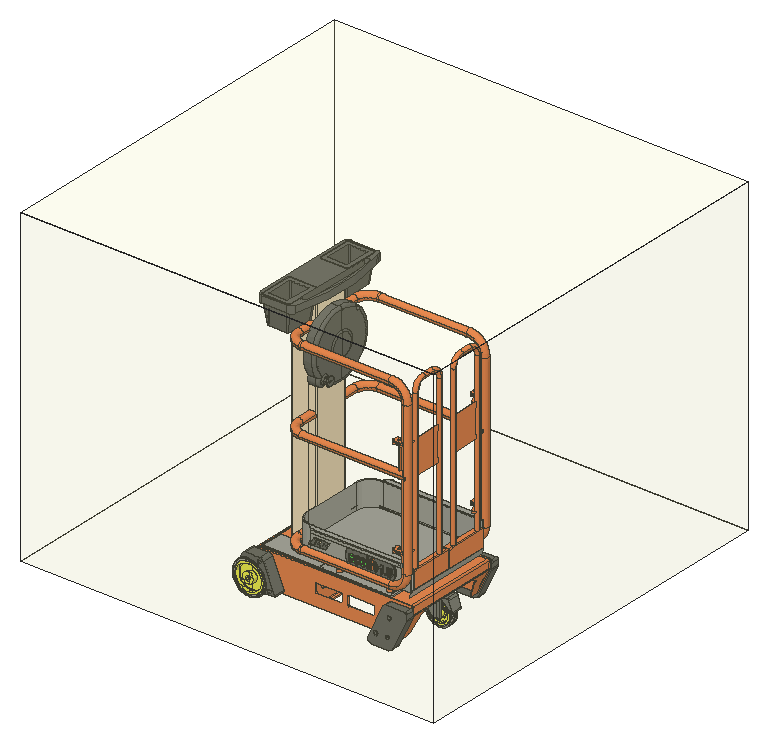
Revit family "JLG_Site_LowLevelAccess_ECOLIFT15_ORANGEa", category Site, Revit 2017
Family settings
  Round Connector Dimension = Use Diameter
  Part Type = Normal
  OmniClass Number = 23.40.00.00
  OmniClass Title = Equipment and Furnishings
  Work Plane-Based = No
  Always vertical = Yes
  Cut with Voids When Loaded = No
  Shared = No
Parameters (values of type "ECOLIFT15 - ORANGE")
  _ObjectUserGuide = "https://www.bimstore.co/products/jlg-pecolift-ecolift-1-5-ecolift-50-ecolift-series-orange/document/object-user-guide"
  _DistributedBy = "https://www.bimstore.co/"
  _CurrentRevision = 1
  _CreatedBy = "https://www.jlg.com/"
  _BimSpecGuid = 0
  _BSBibleVersion = 16
  _AuthorizedBy = "bimstore"
  _Author = "JLG"
  WorkingHeightCE = "3.50m (11 ft 6 in)"
  WorkingHeightANSI = "3.33 m (10 ft  11 in)"
  WorkingArea [instance] = yes
  WarrantyStartDate [instance] = "Please Record On Commissioning."
  WarrantyGuarantorParts = "https://www.jlg.com/"
  WarrantyGuarantorLabor = "https://www.jlg.com/"
  WarrantyDurationUnit = "Years"
  WarrantyDurationParts = "0"
  WarrantyDurationLabor = "0"
  WarrantyDescription = "n/a"
  UserInformation [instance] = if(TransportationCondition, "Turnoff transportation Condition to enable Height ", "")  # ""
  UniqueModelReferenceFAPL = "1001214402"
  URL = "https://www.jlg.com"
  TypeName = "JLG_Site_LowLevelAccess_ECOLIFT15_ORANGE"
  Type Comments = "JLG_Site_LowLevelAccess_ECOLIFT15_ORANGE"
  TransportationCondition [instance] = no
  SpareParts = "n/a"
  Size = "n/a"
  Shape = "n/a"
  SerialNumber [instance] = "Please Record On Commissioning."
  SafeWorkingLoadCE = "150 kg (331 lbs)"
  SafeWorkingLoadANSI = "149.68kg (330 lbs)"
  ReplacementCost = "n/a"
  ReferencedStandard = "n/a"
  RaisedPlatformHeight = "1.50m (4 ft 11 in)"
  ProductionYear = "2020"
  NominalLength = 0 mm
  NominalHeight = 0 mm
  NominalDepth = 0 mm
  NBSReference = "n/a"
  NBSOfficeMasterTag = "n/a"
  NBSObjectName = "JLG - Lift platforms"
  NBSNote = ""
  NBSDescription = "Lift platforms"
  ModelReference = "Low Level Access"
  ModelNumber = "Low Level Access - ECOLIFT15 - ORANGE"
  Model = "Low Level Access - ECOLIFT15 - ORANGE"
  MaximumWindForce = "Internal use only"
  MaximumManualForce = "200N"
  MaximumGradientForOperation = "0 degrees"
  Material = "Steel"
  ManufacturerName = "JLG"
  Manufacturer = "JLG"
  MachineWeightCE = "180 kg (397 lbs)"
  MachineWeightANSI = "180 kg (397 lbs)"
  Keynote = "X"
  IntuitiveToOperate = "Turn handle to operate"
  InstallationDate [instance] = "Please Record On Commissioning."
  IfcExportType = "IfcTransportElementType"
  IfcExportAs = "IfcTransportElement"
  Ht [instance] = if(TransportationCondition, 298 mm, if(PlatformHeight < 298 mm, 298 mm, if(PlatformHeight > 1500 mm, 1500 mm, PlatformHeight)))  # 298 mm
  PlatformHeight [instance] = 0 mm
  PlatformHeightMaximum [instance] = if(PlatformHeight > 0 mm, "Max Height = 1.5 m (4 ft 11 in)", "User to define Height")  # "User to define Height"
  Grade = "n/a"
  Finish = "n/a"
  Features = "n/a"
  ExpectedLife = 0
  Ecolift = "Ecolift 1.5"
  DurationUnit = "Years"
  DocumentationTechnical = "https://www.bimstore.co/products/jlg-pecolift-ecolift-1-5-ecolift-50-ecolift-series-orange/document/technical-data-sheet"
  DocumentationMaintenance = "https://www.bimstore.co/products/jlg-pecolift-ecolift-1-5-ecolift-50-ecolift-series-orange/document/maintenance-information"
  DocumentationLiterature = "https://www.bimstore.co/products/jlg-pecolift-ecolift-1-5-ecolift-50-ecolift-series-orange/document/product-literature"
  DocumentationInstallationGuide = "https://www.bimstore.co/products/jlg-pecolift-ecolift-1-5-ecolift-50-ecolift-series-orange/document/installation-guide"
  DocumentationCertificates = "https://www.bimstore.co/products/jlg-pecolift-ecolift-1-5-ecolift-50-ecolift-series-orange/document/product-certificates"
  Description = "n/a"
  CreatedOn = "2020-12-01T09:30:00"
  CreatedBy = "https://www.jlg.com/"
  Constituents = "n/a"
  Color = "n/a"
  CodePerformance = "n/a"
  ClassificationValue = "TE_30_30_10_60"
  ClassificationName = "Uniclass2015"
  BasketSize = "0.72 m x 0.60 m ( 2 ft 4 in x 1ft 11.5 in)"
  BasketDimensions = "0.72 m x 0.60 m ( 2 ft 4 in x 1 ft-11.5 in)"
  BarCode [instance] = "Please Record On Commissioning."
  BIMObjectName = "JLG_Site_LowLevelAccess_ECOLIFT15_ORANGE"
  AssetType = "Movable"
  AssetIdentifier [instance] = "n/a"
  Assembly Code = "E1030100"
  AccessibilityPerformance = "n/a"
Reference planes
  plane 1 "Center (Front/Back)": y = 0
  plane 2: z = 0
  plane 3 "Center (Left/Right)": x = 0
  plane 4: x = -135
Dimensions and locks
  nested 3 to level = 298 mm
  nested 3 to level = 2128 mm
  aligned and locked: level to plane 2
Nested families
  nested 1: "JLG_Eco lift 1.5_Base" at (311.797, 0, 0), type "JLG_Eco lift 1.5_Base"
    with JLG_Rubber_Black JLG_Rubber_Black, JLG_Plastic_Yellow JLG_Plastic_Yellow, JLG_Plastic_Ligh tGrey JLG_Plastic_Ligh tGrey, JLG_Paint_Silver Dark Grey JLG_Paint_Silver Dark Grey, JLG_Paint_Orange JLG_Paint_Orange, JLG_Paint_Grey JLG_Paint_Grey, JLG_Paint_Black JLG_Paint_Black
  nested 2: "JLG_Eco lift 1.5_Arm" at (0, 0, 100.1) x (0, 1, 0) z (0, 0, 1), type "JLG_Eco lift 1.5_Arm"
    with JLG_Paint_Silver Dark Grey JLG_Paint_Silver Dark Grey, JLG_Paint_Beige JLG_Paint_Beige
  nested 3: "JLG_Eco lift 1.5_Platform" at (0, -2.708, 298), Working Area <- "WorkingArea", built-in parameter 1001364 <- "Ht", type "JLG_Eco lift 1.5_Platform"
    with JLG_Steel JLG_Transparent_Yellow, JLG_Plastic_Dark Grey JLG_Plastic_Dark Grey, JLG_Paint_Silver Dark Grey JLG_Paint_Silver Dark Grey, JLG_Paint_Orange JLG_Paint_Orange, JLG_Paint_Beige JLG_Paint_Beige
Definition of nested family "JLG_Eco lift 1.5_Base"
  Parameters (values of type "JLG_Eco lift 1.5_Base")
    JLG_Rubber_Black [instance] = none
    JLG_Plastic_Yellow [instance] = none
    JLG_Plastic_Ligh tGrey [instance] = none
    JLG_Paint_Silver Dark Grey [instance] = none
    JLG_Paint_Orange [instance] = none
    JLG_Paint_Grey [instance] = none
    JLG_Paint_Black [instance] = none
    Default Elevation = 1219.2 mm
  Reference planes
    plane 1 "Center (Front/Back)": y = 0
    plane 2: z = 0
    plane 3 "Center (Left/Right)": x = 0
    plane 4: z = 100.003
    plane 5: y = -342.749
    plane 6: y = 342.749
    plane 7: x = -446.697
    plane 8: x = 408.303
    plane 9 "pl-1": through (458.303, -4572, 191.008) normal (0.9063, 0, -0.4226)
    plane 10: x = 362.053
    plane 11: y = -245.991
    plane 12: y = 245.991
  Forms (mm)
    Revolve 1, solid, material <- "JLG_Plastic_Ligh tGrey"
      sketch origin (-446.697, -4572, 190.498) x (0, 0, 1) y (0, -1, 0)
        loop
          line (-176.402, -4280.509) -> (-176.402, -4272.259) -> (-181.537, -4272.259) -> (-182.415, -4255.509) -> (-181.537, -4238.759) -> (-176.402, -4238.759) -> (-176.402, -4230.509) -> (-185.115, -4230.509) -> (-187.101, -4231.041) -> (-188.562, -4232.502) -> (-189.08, -4233.927) -> (-189.437, -4236.466) -> (-190.498, -4249.147) -> (-190.498, -4255.509) -> (-190.498, -4261.87) -> (-189.437, -4274.551) -> (-189.08, -4277.09) -> (-188.562, -4278.515) -> (-187.101, -4279.976) -> (-185.115, -4280.509) -> (-176.402, -4280.509)
        axis (-90.495, -4230.509) -> (-90.495, -4280.509)
      angle from 0 to 360
    Revolve 2, solid, material <- "JLG_Plastic_Yellow"
      sketch origin (-446.697, -4572, 190.498) x (0, 0, 1) y (0, -1, 0)
        loop
          line (-175.982, -4280.509) -> (-165.221, -4280.509) -> (-164.312, -4265.616)
          arc (-164.312, -4265.616) -> (-163.06, -4262.628) -> (-160.218, -4261.069) r 4.913
          line (-160.218, -4261.069) -> (-108.089, -4261.069) -> (-108.089, -4281.069) -> (-90.506, -4281.069) -> (-90.506, -4220.009) -> (-99.769, -4220.009) -> (-100.781, -4221.021) -> (-100.781, -4226.55) -> (-121.603, -4226.55) -> (-121.603, -4249.948) -> (-160.218, -4249.948)
          arc (-160.218, -4249.948) -> (-163.06, -4248.389) -> (-164.312, -4245.401) r 4.913
          line (-164.312, -4245.401) -> (-165.221, -4230.509) -> (-175.982, -4230.509) -> (-176.413, -4238.738) -> (-181.234, -4238.738) -> (-182.113, -4255.509) -> (-181.234, -4272.279) -> (-176.413, -4272.279) -> (-175.982, -4280.509)
        axis (-90.495, -4281.069) -> (-90.495, -4220.009)
      angle from 0 to 360
    Revolve 3, solid, material <- "JLG_Plastic_Ligh tGrey"
      sketch origin (-446.697, 4572, 190.498) x (0, 0, 1) y (0, -1, 0)
        loop
          line (-176.402, 4280.509) -> (-185.115, 4280.509) -> (-187.101, 4279.976) -> (-188.562, 4278.515) -> (-189.08, 4277.09) -> (-189.437, 4274.551) -> (-190.498, 4261.87) -> (-190.498, 4255.509) -> (-190.498, 4249.147) -> (-189.437, 4236.466) -> (-189.08, 4233.927) -> (-188.562, 4232.502) -> (-187.101, 4231.041) -> (-185.115, 4230.509) -> (-176.402, 4230.509) -> (-176.402, 4238.759) -> (-181.537, 4238.759) -> (-182.415, 4255.509) -> (-181.537, 4272.259) -> (-176.402, 4272.259) -> (-176.402, 4280.509)
        axis (-90.495, 4230.509) -> (-90.495, 4280.509)
      angle from 0 to 360
    Revolve 4, solid, material <- "JLG_Plastic_Yellow"
      sketch origin (-446.697, 4572, 190.498) x (0, 0, 1) y (0, -1, 0)
        loop
          line (-175.982, 4280.509) -> (-176.413, 4272.279) -> (-181.234, 4272.279) -> (-182.113, 4255.509) -> (-181.234, 4238.738) -> (-176.413, 4238.738) -> (-175.982, 4230.509) -> (-165.221, 4230.509) -> (-164.312, 4245.401)
          arc (-164.312, 4245.401) -> (-163.06, 4248.389) -> (-160.218, 4249.948) r 4.913
          line (-160.218, 4249.948) -> (-121.589, 4249.948) -> (-121.589, 4226.248) -> (-100.741, 4226.248) -> (-100.741, 4220.902) -> (-99.778, 4219.939) -> (-90.506, 4219.939) -> (-90.506, 4281.069) -> (-108.089, 4281.069) -> (-108.089, 4261.069) -> (-160.218, 4261.069)
          arc (-160.218, 4261.069) -> (-163.06, 4262.628) -> (-164.312, 4265.616) r 4.913
          line (-164.312, 4265.616) -> (-165.221, 4280.509) -> (-175.982, 4280.509)
        axis (-90.495, 4281.069) -> (-90.495, 4219.939)
      angle from 0 to 360
    Extrusion 5, solid, material <- "JLG_Paint_Black"
      sketch origin (0, 0, 0) x (1, 0, 0) y (0, 0, 1)
        loop
          arc (-475.385, 205.6) -> (-365.6, 173.936) -> (-343.052, 61.922) r 110.078
          arc (-343.052, 61.922) -> (-342.432, 57.336) -> (-338.315, 55.222) r 5
          line (-338.315, 55.222) -> (-290.135, 55.555)
          arc (-290.135, 55.555) -> (-285.982, 57.824) -> (-285.581, 62.54) r 5
          line (-285.581, 62.54) -> (-354.259, 221.277)
          arc (-354.259, 221.277) -> (-362.7, 231.285) -> (-375.263, 234.971) r 22.714
          line (-375.263, 234.971) -> (-458.326, 234.397)
          arc (-458.326, 234.397) -> (-469.05, 231.19) -> (-476.372, 222.724) r 20
          line (-476.372, 222.724) -> (-485.767, 202.206) -> (-475.385, 205.6)
      from 284.991 to 349.991
    Extrusion 6, void
      sketch origin (0, 0, 0) x (1, 0, 0) y (0, 0, 1)
        loop
          circle (-375.733, 211.07) r 12.385
        loop
          circle (-316.764, 75.242) r 12.434
      from 299.741 to 499.002
    Extrusion 7, solid, material <- "JLG_Paint_Black"
      sketch origin (-540.936, 342.749, 1219.2) x (-1, 0, 0) y (0, 0, -1)
        loop
          arc (-65.55, 1013.6) -> (-175.336, 1045.264) -> (-197.884, 1157.278) r 110.078
          arc (-197.884, 1157.278) -> (-198.503, 1161.864) -> (-202.62, 1163.978) r 5
          line (-202.62, 1163.978) -> (-250.8, 1163.645)
          arc (-250.8, 1163.645) -> (-254.954, 1161.376) -> (-255.354, 1156.66) r 5
          line (-255.354, 1156.66) -> (-186.676, 997.923)
          arc (-186.676, 997.923) -> (-178.235, 987.915) -> (-165.673, 984.229) r 22.714
          line (-165.673, 984.229) -> (-82.61, 984.803)
          arc (-82.61, 984.803) -> (-71.886, 988.01) -> (-64.564, 996.476) r 20
          line (-64.564, 996.476) -> (-55.168, 1016.994) -> (-65.55, 1013.6)
      from -7.26 to 57.74
    Extrusion 8, void
      sketch origin (0, 0, 0) x (1, 0, 0) y (0, 0, 1)
        loop
          circle (-375.733, 211.07) r 12.385
        loop
          circle (-316.764, 75.242) r 12.434
      from -299.741 to -570.022
    Revolve 9, solid, material <- "JLG_Plastic_Ligh tGrey"
      sketch origin (408.303, -4572, 81.131) x (0, 0, 1) y (0, -1, 0)
        loop
          line (-69.401, -4550.759) -> (-75.575, -4550.759)
          arc (-75.575, -4550.759) -> (-78.192, -4551.685) -> (-79.643, -4554.052) r 4.158
          line (-79.643, -4554.052) -> (-80.953, -4563.376) -> (-81.375, -4573.259) -> (-80.953, -4583.141) -> (-79.643, -4592.465)
          arc (-79.643, -4592.465) -> (-78.192, -4594.832) -> (-75.575, -4595.759) r 4.158
          line (-75.575, -4595.759) -> (-69.005, -4595.759) -> (-69.401, -4587.495) -> (-74.774, -4587.495) -> (-75.77, -4573.259) -> (-74.788, -4559.217) -> (-69.401, -4559.217) -> (-69.401, -4550.759)
        axis (-6.401, -4550.759) -> (-6.401, -4595.759)
      angle from 0 to 360
    Revolve 10, solid, material <- "JLG_Plastic_Yellow"
      sketch origin (408.303, -4572, 81.131) x (0, 0, 1) y (0, -1, 0)
        loop
          line (-69.401, -4550.759) -> (-69.401, -4559.217) -> (-74.788, -4559.217) -> (-75.77, -4573.259) -> (-74.788, -4587.3) -> (-69.401, -4587.3) -> (-69.401, -4595.759) -> (-60.961, -4595.759) -> (-60.27, -4582.579)
          arc (-60.27, -4582.579) -> (-58.519, -4579.141) -> (-54.917, -4577.759) r 5.383
          line (-54.917, -4577.759) -> (-37.31, -4577.759) -> (-31.114, -4577.759)
          arc (-31.114, -4577.759) -> (-27.856, -4579.108) -> (-26.506, -4582.366) r 4.608
          line (-26.506, -4582.366) -> (-24.721, -4602.77) -> (-6.401, -4602.77) -> (-6.401, -4573.259) -> (-6.401, -4543.747) -> (-24.721, -4543.747) -> (-26.506, -4564.151)
          arc (-26.506, -4564.151) -> (-27.856, -4567.409) -> (-31.114, -4568.759) r 4.608
          line (-31.114, -4568.759) -> (-37.31, -4568.759) -> (-54.917, -4568.759)
          arc (-54.917, -4568.759) -> (-58.519, -4567.376) -> (-60.27, -4563.938) r 5.383
          line (-60.27, -4563.938) -> (-60.961, -4550.759) -> (-69.401, -4550.759)
        axis (-6.401, -4543.747) -> (-6.401, -4602.77)
      angle from 0 to 360
    Extrusion 11, solid, material <- "JLG_Paint_Black"
      sketch origin (0, 0, 0) x (1, 0, 0) y (0, 0, 1)
        loop
          line (268.005, -0.274) -> (364.17, -0.274) -> (388.74, 13.912)
          arc (388.74, 13.912) -> (391.189, 15.879) -> (392.931, 18.493) r 10.297
          line (392.931, 18.493) -> (470.566, 185.67)
          arc (470.566, 185.67) -> (471.864, 189.507) -> (472.303, 193.533) r 18.667
          line (472.303, 193.533) -> (472.303, 221.916)
          arc (472.303, 221.916) -> (469.374, 228.988) -> (462.303, 231.916) r 10
          line (462.303, 231.916) -> (351.158, 231.916)
          arc (351.158, 231.916) -> (340.531, 228.818) -> (333.235, 220.493) r 19.772
          line (333.235, 220.493) -> (242.159, 24.969)
          arc (242.159, 24.969) -> (241.697, 17.886) -> (246.141, 12.35) r 9.796
          line (246.141, 12.35) -> (268.005, -0.274)
      from 291.491 to 334.119
    Extrusion 12, solid, material <- "JLG_Paint_Black"
      sketch origin (-540.936, 342.749, 1219.2) x (-1, 0, 0) y (0, 0, -1)
        loop
          line (-808.941, 1219.474) -> (-905.106, 1219.474) -> (-929.676, 1205.288)
          arc (-929.676, 1205.288) -> (-932.125, 1203.321) -> (-933.866, 1200.707) r 10.297
          line (-933.866, 1200.707) -> (-1011.502, 1033.53)
          arc (-1011.502, 1033.53) -> (-1012.799, 1029.693) -> (-1013.239, 1025.667) r 18.667
          line (-1013.239, 1025.667) -> (-1013.239, 997.284)
          arc (-1013.239, 997.284) -> (-1010.31, 990.212) -> (-1003.239, 987.284) r 10
          line (-1003.239, 987.284) -> (-892.093, 987.284)
          arc (-892.093, 987.284) -> (-881.466, 990.382) -> (-874.17, 998.707) r 19.772
          line (-874.17, 998.707) -> (-783.095, 1194.231)
          arc (-783.095, 1194.231) -> (-782.633, 1201.314) -> (-787.076, 1206.85) r 9.796
          line (-787.076, 1206.85) -> (-808.941, 1219.474)
      from 11.724 to 52.843
    Extrusion 13, solid, material <- "JLG_Paint_Orange"
      sketch origin (0, 0, 0) x (1, 0, 0) y (0, 0, 1)
        loop
          arc (-434.77, 242.916) -> (-441.291, 241.016) -> (-445.77, 235.908) r 12.138
          line (-445.77, 235.908) -> (-499.561, 120.555)
          arc (-499.561, 120.555) -> (-500.41, 118.055) -> (-500.697, 115.43) r 12.125
          line (-500.697, 115.43) -> (-500.697, 49.586) -> (-496.697, 49.586) -> (-496.697, 106.788)
          arc (-496.697, 106.788) -> (-496.494, 108.645) -> (-495.893, 110.414) r 8.58
          line (-495.893, 110.414) -> (-438.193, 234.151)
          arc (-438.193, 234.151) -> (-435.148, 237.624) -> (-430.713, 238.917) r 8.253
          line (-430.713, 238.917) -> (-319.697, 238.917) -> (-319.697, 242.916) -> (-434.77, 242.916)
      from -280.009 to 279.991
    Extrusion 14, solid, material <- "JLG_Paint_Silver Dark Grey"
      sketch origin (0, 0, 0) x (1, 0, 0) y (0, 1, 0)
        loop
          arc (-414.697, 146.023) -> (-412.935, 141.77) -> (-408.682, 140.009) r 6.015
          line (-408.682, 140.009) -> (-117.767, 140.009)
          arc (-117.767, 140.009) -> (-113.475, 138.231) -> (-111.697, 133.939) r 6.07
          line (-111.697, 133.939) -> (-111.697, -134.097)
          arc (-111.697, -134.097) -> (-113.423, -138.265) -> (-117.592, -139.991) r 5.895
          line (-117.592, -139.991) -> (-408.257, -139.991)
          arc (-408.257, -139.991) -> (-412.811, -141.878) -> (-414.697, -146.432) r 6.44
          line (-414.697, -146.432) -> (-414.697, -269.991)
          arc (-414.697, -269.991) -> (-413.233, -273.527) -> (-409.697, -274.991) r 5
          line (-409.697, -274.991) -> (331.788, -274.991)
          arc (331.788, -274.991) -> (336.395, -273.083) -> (338.303, -268.477) r 6.514
          line (338.303, -268.477) -> (338.303, -39.288) -> (328.652, -22.491) -> (281.303, -22.491) -> (281.303, -27.491)
          arc (281.303, -27.491) -> (279.839, -31.027) -> (276.303, -32.491) r 5
          line (276.303, -32.491) -> (246.502, -32.491)
          arc (246.502, -32.491) -> (242.826, -30.969) -> (241.303, -27.293) r 5.199
          line (241.303, -27.293) -> (241.303, -19.991)
          arc (241.303, -19.991) -> (239.839, -16.456) -> (236.303, -14.991) r 5
          line (236.303, -14.991) -> (210.303, -14.991)
          arc (210.303, -14.991) -> (206.767, -16.456) -> (205.303, -19.991) r 5
          line (205.303, -19.991) -> (205.303, -29.991)
          arc (205.303, -29.991) -> (203.839, -33.527) -> (200.303, -34.991) r 5
          line (200.303, -34.991) -> (167.303, -34.991)
          arc (167.303, -34.991) -> (163.767, -33.527) -> (162.303, -29.991) r 5
          line (162.303, -29.991) -> (162.303, 30.009)
          arc (162.303, 30.009) -> (163.767, 33.544) -> (167.303, 35.009) r 5
          line (167.303, 35.009) -> (200.303, 35.009)
          arc (200.303, 35.009) -> (203.839, 33.544) -> (205.303, 30.009) r 5
          line (205.303, 30.009) -> (205.303, 20.367)
          arc (205.303, 20.367) -> (206.873, 16.578) -> (210.662, 15.009) r 5.359
          line (210.662, 15.009) -> (236.303, 15.009)
          arc (236.303, 15.009) -> (239.839, 16.473) -> (241.303, 20.009) r 5
          line (241.303, 20.009) -> (241.303, 27.509)
          arc (241.303, 27.509) -> (242.767, 31.044) -> (246.303, 32.509) r 5
          line (246.303, 32.509) -> (276.03, 32.509)
          arc (276.03, 32.509) -> (279.759, 30.964) -> (281.303, 27.236) r 5.273
          line (281.303, 27.236) -> (281.303, 22.509) -> (328.652, 22.509) -> (338.303, 39.305) -> (338.303, 268.758)
          arc (338.303, 268.758) -> (336.472, 273.178) -> (332.053, 275.009) r 6.25
          line (332.053, 275.009) -> (-408.332, 275.009)
          arc (-408.332, 275.009) -> (-412.833, 273.144) -> (-414.697, 268.643) r 6.365
          line (-414.697, 268.643) -> (-414.697, 146.023)
      from 242.916 to 250
    Extrusion 15, solid, material <- "JLG_Paint_Orange"
      sketch origin (0, 0, 0) x (1, 0, 0) y (0, 0, 1)
        loop
          line (311.303, 217.917) -> (311.303, 236.803)
          arc (311.303, 236.803) -> (311.922, 238.298) -> (313.416, 238.917) r 2.113
          line (313.416, 238.917) -> (454.14, 238.917)
          arc (454.14, 238.917) -> (457.084, 237.697) -> (458.303, 234.754) r 4.163
          line (458.303, 234.754) -> (458.303, 192.375)
          arc (458.303, 192.375) -> (458.157, 191.04) -> (457.725, 189.769) r 6.166
          line (457.725, 189.769) -> (456.341, 186.802) -> (459.958, 185.115) -> (461.491, 188.401)
          arc (461.491, 188.401) -> (462.093, 190.176) -> (462.297, 192.041) r 8.613
          line (462.297, 192.041) -> (462.297, 235.008)
          arc (462.297, 235.008) -> (459.981, 240.6) -> (454.389, 242.916) r 7.908
          line (454.389, 242.916) -> (313.372, 242.916)
          arc (313.372, 242.916) -> (309.081, 241.139) -> (307.303, 236.847) r 6.069
          line (307.303, 236.847) -> (307.303, 217.917) -> (311.303, 217.917)
      from -281.009 to 280.991
    Extrusion 16, solid, material <- "JLG_Paint_Orange"
      sketch origin (458.303, -4572, 191.008) x (0.422618, 0, 0.906308) y (0, -1, 0)
        loop
          line (-52.367, -4290.286) -> (-52.367, -4304.867)
          arc (-52.367, -4304.867) -> (-55.447, -4312.303) -> (-62.884, -4315.384) r 10.517
          line (-62.884, -4315.384) -> (-102.367, -4315.384)
          arc (-102.367, -4315.384) -> (-109.438, -4312.455) -> (-112.367, -4305.384) r 10
          line (-112.367, -4305.384) -> (-112.367, -4290.384) -> (-160.367, -4290.384) -> (-160.367, -4319.803)
          arc (-160.367, -4319.803) -> (-155.333, -4334.848) -> (-142.258, -4343.834) r 25
          line (-142.258, -4343.834) -> (-36.508, -4374.158)
          arc (-36.508, -4374.158) -> (-16.292, -4387.197) -> (-3.252, -4407.414) r 57.021
          line (-3.252, -4407.414) -> (-3.252, -4290.286) -> (-52.367, -4290.286)
        loop
          line (-51.742, -4853.089) -> (-3.252, -4853.089) -> (-3.252, -4736.586)
          arc (-3.252, -4736.586) -> (-15.3, -4755.786) -> (-33.876, -4768.775) r 57.021
          line (-33.876, -4768.775) -> (-142.258, -4799.853)
          arc (-142.258, -4799.853) -> (-155.333, -4808.839) -> (-160.367, -4823.885) r 25
          line (-160.367, -4823.885) -> (-160.367, -4852.991) -> (-111.586, -4852.991) -> (-111.586, -4837.991)
          arc (-111.586, -4837.991) -> (-108.657, -4830.92) -> (-101.586, -4827.991) r 10
          line (-101.586, -4827.991) -> (-62.259, -4827.991)
          arc (-62.259, -4827.991) -> (-54.822, -4831.072) -> (-51.742, -4838.508) r 10.517
          line (-51.742, -4838.508) -> (-51.742, -4853.089)
      from -0.009 to 3.991
    Extrusion 17, solid, material <- "JLG_Paint_Orange"
      sketch origin (0, 0, 0) x (1, 0, 0) y (0, 0, 1)
        loop
          line (-445.689, 236.082) -> (-499.624, 120.419)
          arc (-499.624, 120.419) -> (-500.426, 118.058) -> (-500.697, 115.58) r 11.449
          line (-500.697, 115.58) -> (-500.697, 44.917) -> (394.583, 44.917) -> (461.476, 188.37)
          arc (461.476, 188.37) -> (462.09, 190.177) -> (462.297, 192.074) r 8.763
          line (462.297, 192.074) -> (462.297, 235.233)
          arc (462.297, 235.233) -> (460.047, 240.666) -> (454.614, 242.916) r 7.683
          line (454.614, 242.916) -> (-434.961, 242.916)
          arc (-434.961, 242.916) -> (-441.321, 241.063) -> (-445.689, 236.082) r 11.837
      from -285.009 to -280.009
    Extrusion 18, solid, material <- "JLG_Paint_Orange"
      sketch origin (0, 0, 0) x (1, 0, 0) y (0, 0, 1)
        loop
          line (-445.689, 236.082) -> (-499.624, 120.419)
          arc (-499.624, 120.419) -> (-500.426, 118.058) -> (-500.697, 115.58) r 11.449
          line (-500.697, 115.58) -> (-500.697, 44.917) -> (394.583, 44.917) -> (461.476, 188.37)
          arc (461.476, 188.37) -> (462.09, 190.177) -> (462.297, 192.074) r 8.763
          line (462.297, 192.074) -> (462.297, 235.233)
          arc (462.297, 235.233) -> (460.047, 240.666) -> (454.614, 242.916) r 7.683
          line (454.614, 242.916) -> (-434.961, 242.916)
          arc (-434.961, 242.916) -> (-441.321, 241.063) -> (-445.689, 236.082) r 11.837
      from 279.991 to 284.991
    Extrusion 19, solid, material <- "JLG_Paint_Orange"
      sketch origin (0, 0, 0) x (0, 1, 0) y (0, 0, 1)
        loop
          line (152.009, 116.917) -> (144.009, 116.917) -> (144.009, 58.879)
          arc (144.009, 58.879) -> (142.262, 54.663) -> (138.046, 52.917) r 5.962
          line (138.046, 52.917) -> (-137.664, 52.917)
          arc (-137.664, 52.917) -> (-142.138, 54.77) -> (-143.991, 59.244) r 6.327
          line (-143.991, 59.244) -> (-143.991, 117.107) -> (-151.991, 117.107) -> (-151.991, 58.732)
          arc (-151.991, 58.732) -> (-147.945, 48.963) -> (-138.176, 44.917) r 13.815
          line (-138.176, 44.917) -> (137.922, 44.917)
          arc (137.922, 44.917) -> (147.883, 49.042) -> (152.009, 59.003) r 14.086
          line (152.009, 59.003) -> (152.009, 116.917)
      from -497.697 to -108.067
    Extrusion 20, solid, material <- "JLG_Paint_Orange"
      sketch origin (0, 0, 0) x (1, 0, 0) y (0, 0, 1)
        loop
          line (-77.397, 242.916) -> (-99.487, 242.916)
          arc (-99.487, 242.916) -> (-105.08, 240.6) -> (-107.397, 235.006) r 7.91
          line (-107.397, 235.006) -> (-107.397, 52.964)
          arc (-107.397, 52.964) -> (-105.04, 47.274) -> (-99.349, 44.917) r 8.048
          line (-99.349, 44.917) -> (-77.397, 44.917) -> (-77.397, 48.939) -> (-99.305, 48.939)
          arc (-99.305, 48.939) -> (-102.198, 50.138) -> (-103.397, 53.032) r 4.092
          line (-103.397, 53.032) -> (-103.397, 234.939)
          arc (-103.397, 234.939) -> (-102.232, 237.751) -> (-99.419, 238.917) r 3.978
          line (-99.419, 238.917) -> (-77.397, 238.917) -> (-77.397, 242.916)
      from -280.009 to 280.991
    Extrusion 21, void
      sketch origin (0, 0, 0) x (1, 0, 0) y (0, 0, 1)
        loop
          line (47.303, 173.916) -> (-92.697, 173.916)
          arc (-92.697, 173.916) -> (-99.768, 170.988) -> (-102.697, 163.916) r 10
          line (-102.697, 163.916) -> (-102.697, 123.916)
          arc (-102.697, 123.916) -> (-99.768, 116.845) -> (-92.697, 113.916) r 10
          line (-92.697, 113.916) -> (47.303, 113.916)
          arc (47.303, 113.916) -> (54.374, 116.845) -> (57.303, 123.916) r 10
          line (57.303, 123.916) -> (57.303, 163.916)
          arc (57.303, 163.916) -> (54.374, 170.988) -> (47.303, 173.916) r 10
        loop
          line (87.303, 163.916) -> (87.303, 123.916)
          arc (87.303, 123.916) -> (90.232, 116.845) -> (97.303, 113.916) r 10
          line (97.303, 113.916) -> (237.303, 113.916)
          arc (237.303, 113.916) -> (244.374, 116.845) -> (247.303, 123.916) r 10
          line (247.303, 123.916) -> (247.303, 163.916)
          arc (247.303, 163.916) -> (244.374, 170.988) -> (237.303, 173.916) r 10
          line (237.303, 173.916) -> (97.303, 173.916)
          arc (97.303, 173.916) -> (90.232, 170.988) -> (87.303, 163.916) r 10
      from -540.862 to 474.285
    Extrusion 22, void
      sketch origin (0, 0, 0) x (0, 1, 0) y (0, 0, 1)
        loop
          circle (-212.629, 143.916) r 35
        loop
          circle (212.371, 143.916) r 35
      from -339.056 to 250
    Extrusion 23, solid, material <- "JLG_Paint_Grey"
      sketch origin (0, 0, 0) x (1, 0, 0) y (0, 1, 0)
        loop
          arc (322.97, 67.509) -> (311.892, 62.92) -> (307.303, 51.842) r 15.667
          line (307.303, 51.842) -> (307.303, -52.491)
          arc (307.303, -52.491) -> (311.696, -63.098) -> (322.303, -67.491) r 15
          line (322.303, -67.491) -> (402.303, -67.491)
          arc (402.303, -67.491) -> (412.91, -63.098) -> (417.303, -52.491) r 15
          line (417.303, -52.491) -> (417.303, 52.509)
          arc (417.303, 52.509) -> (412.91, 63.115) -> (402.303, 67.509) r 15
          line (402.303, 67.509) -> (322.97, 67.509)
      from 186.802 to 199.857
    Extrusion 24, solid, material <- "JLG_Paint_Grey"
      sketch origin (0, 0, 0) x (1, 0, 0) y (0, 1, 0)
        loop
          circle (361.17, 0) r 51.921
      from 58.12 to 191.916
    Extrusion 25, void
      sketch origin (0, 0, 0) x (1, 0, 0) y (0, 0, 1)
        loop
          line (301.006, 159.43) -> (301.006, 54.917) -> (397.256, 54.917)
          arc (397.256, 54.917) -> (391.83, 59.319) -> (387.99, 65.156) r 22.822
          line (387.99, 65.156) -> (340.693, 153.718)
          arc (340.693, 153.718) -> (336.38, 157.904) -> (330.568, 159.43) r 11.83
          line (330.568, 159.43) -> (301.006, 159.43)
      from 22.811 to 60.676
    Extrusion 26, solid, material <- "JLG_Paint_Grey"
      sketch origin (0, 0, 0) x (0, 1, 0) y (0, 0, 1)
        loop
          line (-34.741, 56.73) -> (-30.741, 56.73) -> (-30.741, 153.373)
          arc (-30.741, 153.373) -> (-28.691, 158.323) -> (-23.741, 160.373) r 7
          line (-23.741, 160.373) -> (23.741, 160.373)
          arc (23.741, 160.373) -> (28.691, 158.323) -> (30.741, 153.373) r 7
          line (30.741, 153.373) -> (30.741, 56.73) -> (34.741, 56.73) -> (34.741, 154.855)
          arc (34.741, 154.855) -> (31.812, 161.926) -> (24.741, 164.855) r 10
          line (24.741, 164.855) -> (-24.741, 164.855)
          arc (-24.741, 164.855) -> (-31.812, 161.926) -> (-34.741, 154.855) r 10
          line (-34.741, 154.855) -> (-34.741, 56.73)
      from 398.939 to 426.303
    Revolve 27, solid, material <- "JLG_Paint_Orange"
      sketch origin (362.053, 0, 1189.2) x (0, -1, 0) y (0, 0, 1)
        loop
          line (0, -911.284) -> (0, -989.118) -> (36.764, -989.118) -> (36.764, -937.816) -> (32.587, -937.816) -> (32.587, -934.415) -> (9.991, -934.415) -> (9.991, -919.415) -> (4.991, -919.415) -> (4.991, -911.284) -> (0, -911.284)
        axis (0, -911.284) -> (0, -989.118)
      angle from 0 to 360
    Extrusion 28, solid, material <- "JLG_Paint_Grey"
      sketch origin (0, 0, 0) x (1, 0, 0) y (0, 0, 1)
        loop
          line (242.11, 245.025) -> (223.682, 194.091)
          arc (223.682, 194.091) -> (223.612, 187.486) -> (227.676, 182.278) r 10
          arc (227.676, 182.278) -> (252.871, 176.296) -> (278.721, 177.812) r 89.082
          arc (278.721, 177.812) -> (284.092, 181.185) -> (285.951, 187.248) r 9.091
          line (285.951, 187.248) -> (285.562, 189.356) -> (246.552, 205.277) -> (248.087, 212.166) -> (251.233, 211.454) -> (267.938, 257.626) -> (273.541, 287.177)
          arc (273.541, 287.177) -> (268.427, 294.602) -> (260.39, 290.519) r 6.845
          line (260.39, 290.519) -> (242.11, 245.025)
        loop
          circle (233.164, 191.001) r 5.957
        loop
          circle (260.275, 265.877) r 5.957
        loop
          circle (266.697, 288.013) r 4.018
      from -5.009 to 4.991
    Extrusion 29, solid, material <- "JLG_Paint_Orange"
      sketch origin (0, 0, 0) x (1, 0, 0) y (0, 0, 1)
        loop
          arc (261.706, 275.778) -> (250.747, 268.978) -> (255.611, 257.033) r 9.997
          line (255.611, 257.033) -> (325.284, 219.729) -> (325.284, 266.515) -> (261.706, 275.778)
      from 4.991 to 10.29
    Extrusion 30, solid, material <- "JLG_Paint_Grey"
      sketch origin (0, 0, 0) x (1, 0, 0) y (0, 0, 1)
        loop
          circle (260.275, 265.877) r 5.957
        loop
          circle (266.741, 287.967) r 4.018
        loop
          circle (233.164, 191.001) r 5.957
      from -12.316 to 11.832
    Extrusion 31, solid, material <- "JLG_Paint_Orange"
      sketch origin (0, 0, 0) x (1, 0, 0) y (0, 0, 1)
        loop
          arc (261.706, 275.778) -> (250.747, 268.978) -> (255.611, 257.033) r 9.997
          line (255.611, 257.033) -> (325.284, 219.729) -> (325.284, 266.515) -> (261.706, 275.778)
      from -10.579 to -5.009
    Extrusion 32, void
      sketch origin (0, 0, 0) x (1, 0, 0) y (0, 0, 1)
        loop
          circle (292.313, 66.916) r 12.666
        loop
          circle (362.313, 66.916) r 12.666
        loop
          circle (372.137, 172.916) r 12.666
      from 322.853 to 496.822
    Extrusion 33, void
      sketch origin (0, 0, 0) x (1, 0, 0) y (0, 0, -1)
        loop
          circle (292.313, -66.916) r 12.666
        loop
          circle (362.313, -66.916) r 12.666
        loop
          circle (372.137, -172.916) r 12.666
      from 322.853 to 496.822
    Extrusion 34, solid, material <- "JLG_Paint_Silver Dark Grey"
      sketch origin (0, 0, 2.031) x (0, 1, 0) y (0, 0, 1)
        loop
          circle (230.044, 259.167) r 10
      from -475.385 to 354.576
    Revolve 35, solid, material <- "JLG_Paint_Black"
      sketch origin (-575.669, -245.991, 1219.2) x (-1, 0, 0) y (0, 0, 1)
        loop
          arc (-4.942, -1124.03) -> (0.152, -1117.959) -> (-4.805, -1111.776) r 6.248
          line (-4.805, -1111.776) -> (-74.972, -1104.614) -> (-74.972, -1124.03) -> (-4.942, -1124.03)
        axis (-4.805, -1137.113) -> (-74.972, -1137.113)
      angle from 0 to 360
    Revolve 36, solid, material <- "JLG_Paint_Black"
      sketch origin (-575.669, 245.991, 1219.2) x (-1, 0, 0) y (0, 0, 1)
        loop
          arc (-4.942, -1124.03) -> (0.152, -1117.959) -> (-4.805, -1111.776) r 6.248
          line (-4.805, -1111.776) -> (-74.972, -1104.614) -> (-74.972, -1124.03) -> (-4.942, -1124.03)
        axis (-4.805, -1137.113) -> (-74.972, -1137.113)
      angle from 0 to 360
    Extrusion 37, solid, material <- "JLG_Paint_Grey"
      sketch origin (0, 0, 0) x (1, 0, 0) y (0, 0, 1)
        loop
          line (426.303, 164.855) -> (426.303, 161.001) -> (466.53, 127.425)
          arc (466.53, 127.425) -> (473.102, 122.114) -> (480.919, 118.907) r 29.214
          arc (480.919, 118.907) -> (483.512, 117.416) -> (485.383, 115.082) r 8.056
          line (485.383, 115.082) -> (486.423, 112.224) -> (491.36, 104.324) -> (494.239, 105.426)
          arc (494.239, 105.426) -> (497, 108.02) -> (497.15, 111.806) r 5
          line (497.15, 111.806) -> (476.99, 167.195)
          arc (476.99, 167.195) -> (471.764, 173.209) -> (463.857, 174.185) r 11.123
          line (463.857, 174.185) -> (426.303, 164.855)
      from -30.741 to 30.741
    Extrusion 38, void
      sketch origin (0, 0, 0) x (1, 0, 0) y (0, 0, -1)
        loop
          line (302.303, -159.43) -> (330.568, -159.43)
          arc (330.568, -159.43) -> (336.38, -157.904) -> (340.693, -153.718) r 11.83
          line (340.693, -153.718) -> (387.99, -65.156)
          arc (387.99, -65.156) -> (391.83, -59.319) -> (397.256, -54.917) r 22.822
          line (397.256, -54.917) -> (302.303, -54.917) -> (302.303, -159.43)
      from 22.811 to 60.676
    Extrusion 39, void
      sketch origin (0, 0, 0) x (0, 1, 0) y (0, 0, 1)
        loop
          line (22.811, 159.43) -> (-32.491, 159.43) -> (-32.491, 42.872) -> (22.811, 42.872) -> (22.811, 159.43)
      from 0 to 334.555
    Sweep 40, solid, material <- "JLG_Paint_Silver Dark Grey"
      path origin (1.875, 0.303, 0) x (1, 0, 0) y (0, 1, 0)
        loop
          arc (424.62, 241.615) -> (336.045, 230.497) -> (424.562, 218.927) r 45
      profile origin (337.92, 230.8, 0) x (0.999997, -0.002551, 0) y (0, 0, 1)
        loop
          circle (20.657, 261.201) r 5
    Extrusion 41, solid
      sketch origin (0, 0, 4.375) x (0, 1, 0) y (0, 0, 1)
        loop
          line (219.044, 256.823) -> (219.044, 245.626) -> (249.339, 245.626) -> (249.339, 246.747) -> (241.044, 246.747) -> (241.044, 256.823)
          arc (241.044, 256.823) -> (230.044, 267.823) -> (219.044, 256.823) r 11
        loop
          arc (240.044, 256.823) -> (230.044, 266.823) -> (220.044, 256.823) r 10
          line (220.044, 256.823) -> (220.044, 246.747) -> (240.044, 246.747) -> (240.044, 256.823)
      from 300 to 325
    Extrusion 42, solid, material <- "JLG_Paint_Silver Dark Grey"
      sketch origin (0, 0, 4.375) x (0, 1, 0) y (0, 0, -1)
        loop
          arc (219.044, -256.823) -> (230.044, -267.823) -> (241.044, -256.823) r 11
          line (241.044, -256.823) -> (241.044, -246.771) -> (249.339, -246.771) -> (249.339, -245.651) -> (219.044, -245.651) -> (219.044, -256.823)
        loop
          line (240.044, -256.823) -> (240.044, -246.771) -> (220.044, -246.771) -> (220.044, -256.823)
          arc (220.044, -256.823) -> (230.044, -266.823) -> (240.044, -256.823) r 10
      from 375 to 400
    Extrusion 43, solid, material <- "JLG_Paint_Silver Dark Grey"
      sketch origin (0, 0, 0) x (1, 0, 0) y (0, 1, 0)
        loop
          line (-386.868, 243.246) -> (-385.777, 245.136) -> (-386.868, 247.027) -> (-389.052, 247.027) -> (-390.143, 245.136) -> (-389.052, 243.246) -> (-386.868, 243.246)
      from 251.146 to 253.418
    Extrusion 44, solid, material <- "JLG_Paint_Silver Dark Grey"
      sketch origin (-75.625, 0, 0) x (-1, 0, 0) y (0, -1, 0)
        loop
          line (-386.868, -243.246) -> (-389.052, -243.246) -> (-390.143, -245.136) -> (-389.052, -247.027) -> (-386.868, -247.027) -> (-385.777, -245.136) -> (-386.868, -243.246)
      from 251.146 to 253.418
  Cuts and joins
    Extrusion 6, Extrusion 8 cuts Extrusion 5
    Extrusion 8 cuts Extrusion 7
    Extrusion 21 cuts Extrusion 18
    Extrusion 21 cuts Extrusion 17
    Extrusion 22 cuts Extrusion 20
    Extrusion 25 cuts Revolve 9
    Extrusion 25, Extrusion 32, Extrusion 38, Extrusion 39 cuts Extrusion 24
    Extrusion 32 cuts Revolve 10
    Extrusion 32, Extrusion 33 cuts Extrusion 11
    Extrusion 33 cuts Extrusion 12
  Dimensions and locks
    aligned and locked: plane 2 to level
  Automatic sketch dimensions
    Revolve 1 sketch curve to level = 0 mm
    Revolve 1 sketch curve to plane 4 = 0 mm
    level to Revolve 1 sketch curve = 1.061 mm  (x2)
    level to Revolve 1 sketch curve = 1.418 mm  (x2)
    Revolve 1 sketch curve to Revolve 1 sketch curve = 0.519 mm  (x2)
    Revolve 1 sketch curve to Revolve 1 sketch curve = 1.461 mm  (x4)
    Revolve 1 sketch curve to Revolve 1 sketch curve = 1.986 mm  (x2)
    Revolve 1 sketch curve to Revolve 1 sketch curve = 8.083 mm
    Revolve 1 sketch curve to Revolve 1 sketch curve = 7.9 mm  (x2)
    Revolve 1 sketch curve to Revolve 1 sketch curve = 8.712 mm  (x2)
    plane 5 to Revolve 1 sketch curve = 1.257 mm
    plane 5 to Revolve 1 sketch curve = 1.789 mm
    Revolve 1 sketch curve to Revolve 1 sketch curve = 1.425 mm  (x2)
    Revolve 1 sketch curve to Revolve 1 sketch curve = 2.539 mm  (x2)
    Revolve 1 sketch curve to Revolve 1 sketch curve = 2.292 mm  (x2)
    Revolve 1 sketch curve to Revolve 1 sketch curve = 12.681 mm
    Revolve 1 sketch curve to Revolve 1 sketch curve = 6.361 mm  (x3)
    Revolve 1 sketch curve to Revolve 1 sketch curve = 10.389 mm
    Revolve 1 sketch curve to Revolve 1 sketch curve = 8.25 mm
    Revolve 1 sketch curve to plane 11 = 29.368 mm
    Revolve 1 sketch curve to plane 5 = 20 mm
    Revolve 2 sketch curve to plane 4 = 0 mm
    Revolve 2 sketch curve to plane 4 = 0.011 mm
    Revolve 2 sketch curve to Revolve 2 sketch curve = 9.262 mm
    Revolve 2 sketch curve to plane 5 = 2.701 mm
    Revolve 2 sketch curve to Revolve 2 sketch curve = 1.013 mm  (x2)
    Revolve 2 sketch curve to plane 4 = 17.594 mm
    Revolve 2 sketch curve to Revolve 2 sketch curve = 20.821 mm
    level to Revolve 2 sketch curve = 31.09 mm
    Revolve 2 sketch curve to Revolve 2 sketch curve = 0 mm
    Revolve 2 sketch curve to Revolve 2 sketch curve = 0.81 mm  (x2)
    plane 5 to Revolve 2 sketch curve = 16.15 mm
    Revolve 2 sketch curve to Revolve 2 sketch curve = 4.904 mm  (x2)
    Revolve 2 sketch curve to Revolve 2 sketch curve = 0.908 mm  (x2)
    plane 5 to Revolve 2 sketch curve = 1.257 mm
    Revolve 2 sketch curve to Revolve 2 sketch curve = 10.761 mm  (x2)
    Revolve 2 sketch curve to Revolve 2 sketch curve = 0.431 mm  (x2)
    Revolve 2 sketch curve to Revolve 2 sketch curve = 4.821 mm  (x2)
    level to Revolve 2 sketch curve = 8.385 mm
    plane 5 to Revolve 2 sketch curve = 20.696 mm
    Revolve 2 sketch curve to Revolve 2 sketch curve = 10.108 mm
    Revolve 2 sketch curve to Revolve 2 sketch curve = 11.122 mm
    Revolve 2 sketch curve to Revolve 2 sketch curve = 4.547 mm
    Revolve 2 sketch curve to Revolve 2 sketch curve = 16.771 mm
    Revolve 2 sketch curve to Revolve 2 sketch curve = 8.229 mm  (x2)
    Revolve 2 sketch curve to Revolve 2 sketch curve = 20 mm
    Revolve 2 sketch curve to Revolve 2 sketch curve = 5.529 mm
    Revolve 2 sketch curve to Revolve 2 sketch curve = 19.439 mm
    Revolve 2 sketch curve to Revolve 2 sketch curve = 19.5 mm
    Revolve 3 sketch curve to level = 0 mm
    Revolve 3 sketch curve to plane 4 = 0 mm
    level to Revolve 3 sketch curve = 1.061 mm  (x2)
    level to Revolve 3 sketch curve = 1.418 mm  (x2)
    Revolve 3 sketch curve to Revolve 3 sketch curve = 0.519 mm  (x2)
    Revolve 3 sketch curve to Revolve 3 sketch curve = 1.461 mm  (x4)
    Revolve 3 sketch curve to Revolve 3 sketch curve = 1.986 mm  (x2)
    level to Revolve 3 sketch curve = 8.083 mm
    Revolve 3 sketch curve to Revolve 3 sketch curve = 7.9 mm  (x2)
    Revolve 3 sketch curve to Revolve 3 sketch curve = 8.712 mm  (x2)
    plane 6 to Revolve 3 sketch curve = 1.257 mm
    plane 6 to Revolve 3 sketch curve = 1.789 mm
    Revolve 3 sketch curve to Revolve 3 sketch curve = 1.425 mm  (x2)
    Revolve 3 sketch curve to Revolve 3 sketch curve = 2.539 mm  (x2)
    Revolve 3 sketch curve to Revolve 3 sketch curve = 8.25 mm  (x2)
    Revolve 3 sketch curve to Revolve 3 sketch curve = 12.681 mm
    Revolve 3 sketch curve to Revolve 3 sketch curve = 6.361 mm  (x2)
    Revolve 3 sketch curve to Revolve 3 sketch curve = 0 mm
    Revolve 3 sketch curve to Revolve 3 sketch curve = 10.389 mm
    Revolve 3 sketch curve to Revolve 3 sketch curve = 2.292 mm
    Revolve 3 sketch curve to plane 6 = 20 mm
    Revolve 3 sketch curve to plane 12 = 29.368 mm
    Revolve 4 sketch curve to plane 4 = 0 mm
    Revolve 4 sketch curve to plane 4 = 0.011 mm
    Revolve 4 sketch curve to Revolve 4 sketch curve = 9.272 mm
    Revolve 4 sketch curve to plane 6 = 3.004 mm
    Revolve 4 sketch curve to Revolve 4 sketch curve = 0.962 mm
    Revolve 4 sketch curve to plane 4 = 17.594 mm
    Revolve 4 sketch curve to Revolve 4 sketch curve = 20.848 mm
    level to Revolve 4 sketch curve = 31.09 mm
    Revolve 4 sketch curve to Revolve 4 sketch curve = 0 mm
    Revolve 4 sketch curve to Revolve 4 sketch curve = 0.81 mm  (x2)
    Revolve 4 sketch curve to Revolve 4 sketch curve = 4.904 mm  (x2)
    plane 6 to Revolve 4 sketch curve = 16.15 mm
    plane 6 to Revolve 4 sketch curve = 1.257 mm
    Revolve 4 sketch curve to Revolve 4 sketch curve = 0.908 mm  (x2)
    Revolve 4 sketch curve to Revolve 4 sketch curve = 10.761 mm  (x2)
    Revolve 4 sketch curve to Revolve 4 sketch curve = 0.431 mm  (x2)
    Revolve 4 sketch curve to Revolve 4 sketch curve = 4.821 mm  (x2)
    level to Revolve 4 sketch curve = 8.385 mm
    Revolve 4 sketch curve to Revolve 4 sketch curve = 5.346 mm
    Revolve 4 sketch curve to plane 6 = 9.312 mm
    Revolve 4 sketch curve to Revolve 4 sketch curve = 8.229 mm  (x2)
    Revolve 4 sketch curve to Revolve 4 sketch curve = 0.299 mm
    Revolve 4 sketch curve to Revolve 4 sketch curve = 16.771 mm
    Revolve 4 sketch curve to Revolve 4 sketch curve = 11.122 mm
    Revolve 4 sketch curve to Revolve 4 sketch curve = 4.547 mm
    Revolve 4 sketch curve to Revolve 4 sketch curve = 6.663 mm
    Revolve 4 sketch curve to Revolve 4 sketch curve = 20 mm
    Revolve 4 sketch curve to Revolve 4 sketch curve = 19.431 mm
    Revolve 4 sketch curve to Revolve 4 sketch curve = 19.439 mm
    Extrusion 5 sketch curve to plane 7 = 39.07 mm
    Extrusion 5 sketch curve to Extrusion 5 sketch curve = 9.396 mm
    Extrusion 5 sketch curve to Extrusion 5 sketch curve = 10.382 mm
    Extrusion 5 sketch curve to plane 7 = 11.629 mm
    Extrusion 5 sketch curve to plane 7 = 11.491 mm
    plane 7 to Extrusion 5 sketch curve = 0.13 mm
    plane 7 to Extrusion 5 sketch curve = 71.434 mm
    Extrusion 5 sketch curve to Extrusion 5 sketch curve = 0.157 mm
    Extrusion 5 sketch curve to Extrusion 5 sketch curve = 20.846 mm
    Extrusion 5 sketch curve to plane 4 = 39.781 mm
    plane 7 to Extrusion 5 sketch curve = 108.347 mm
    Extrusion 5 sketch curve to plane 4 = 44.781 mm
    Extrusion 5 sketch curve to Extrusion 5 sketch curve = 0.035 mm  (x2)
    Extrusion 5 sketch curve to Extrusion 5 sketch curve = 48.18 mm
    Extrusion 5 sketch curve to plane 4 = 44.448 mm
    Extrusion 5 sketch curve to plane 4 = 37.463 mm
    Extrusion 5 sketch curve to Extrusion 5 sketch curve = 4.589 mm
    Extrusion 5 sketch curve to plane 4 = 0.642 mm
    plane 4 to Extrusion 5 sketch curve = 102.203 mm
    Extrusion 5 sketch curve to Extrusion 5 sketch curve = 3.393 mm
    Extrusion 5 sketch curve to Extrusion 5 sketch curve = 6.658 mm
    Extrusion 5 sketch curve to Extrusion 5 sketch curve = 8.797 mm
    Extrusion 5 sketch curve to Extrusion 5 sketch curve = 9.019 mm
    Extrusion 5 sketch curve to Extrusion 5 sketch curve = 17.124 mm
    plane 7 to Extrusion 6 sketch curve = 70.965 mm
    Extrusion 6 sketch curve to plane 4 = 24.762 mm
    plane 7 to Extrusion 6 sketch curve = 129.933 mm
    plane 4 to Extrusion 6 sketch curve = 111.066 mm
    plane 4 to Extrusion 7 sketch curve = 37.463 mm
    Extrusion 7 sketch curve to plane 7 = 161.116 mm
    plane 4 to Extrusion 7 sketch curve = 44.448 mm
    Extrusion 7 sketch curve to Extrusion 7 sketch curve = 4.554 mm
    Extrusion 7 sketch curve to Extrusion 7 sketch curve = 0.035 mm  (x2)
    plane 4 to Extrusion 7 sketch curve = 44.781 mm
    Extrusion 7 sketch curve to Extrusion 7 sketch curve = 48.18 mm
    Extrusion 7 sketch curve to plane 7 = 92.438 mm
    Extrusion 7 sketch curve to Extrusion 7 sketch curve = 20.846 mm
    Extrusion 7 sketch curve to Extrusion 7 sketch curve = 0.157 mm
    Extrusion 7 sketch curve to plane 7 = 0.13 mm
    plane 7 to Extrusion 7 sketch curve = 11.491 mm
    plane 7 to Extrusion 7 sketch curve = 11.629 mm
    Extrusion 7 sketch curve to Extrusion 7 sketch curve = 17.198 mm
    Extrusion 7 sketch curve to Extrusion 7 sketch curve = 0.986 mm
    Extrusion 7 sketch curve to Extrusion 7 sketch curve = 10.382 mm
    Extrusion 7 sketch curve to Extrusion 7 sketch curve = 5 mm
    plane 4 to Extrusion 7 sketch curve = 0.642 mm
    Extrusion 7 sketch curve to plane 4 = 102.203 mm
    Extrusion 7 sketch curve to Extrusion 7 sketch curve = 3.393 mm
    Extrusion 7 sketch curve to Extrusion 7 sketch curve = 6.658 mm
    Extrusion 7 sketch curve to Extrusion 7 sketch curve = 8.797 mm
    Extrusion 7 sketch curve to Extrusion 7 sketch curve = 9.019 mm
    Extrusion 7 sketch curve to Extrusion 7 sketch curve = 17.124 mm
    plane 7 to Extrusion 8 sketch curve = 70.965 mm
    Extrusion 8 sketch curve to plane 4 = 24.762 mm
    plane 7 to Extrusion 8 sketch curve = 129.933 mm
    plane 4 to Extrusion 8 sketch curve = 111.066 mm
    Revolve 9 sketch curve to level = 0.244 mm
    level to Revolve 9 sketch curve = 0.178 mm  (x2)
    level to Revolve 9 sketch curve = 1.488 mm  (x2)
    Revolve 9 sketch curve to plane 1 "Center (Front/Back)" = 1.259 mm  (x2)
    level to Revolve 9 sketch curve = 5.361 mm
    Revolve 9 sketch curve to Revolve 9 sketch curve = 4.068 mm  (x2)
    Revolve 9 sketch curve to Revolve 9 sketch curve = 0 mm  (x3)
    Revolve 9 sketch curve to Revolve 9 sketch curve = 0.788 mm
    Revolve 9 sketch curve to Revolve 9 sketch curve = 0.801 mm
    Revolve 9 sketch curve to Revolve 9 sketch curve = 5.387 mm
    Revolve 9 sketch curve to Revolve 9 sketch curve = 5.373 mm
    Revolve 9 sketch curve to Revolve 9 sketch curve = 6.57 mm
    Revolve 9 sketch curve to Revolve 9 sketch curve = 9.883 mm
    Revolve 9 sketch curve to Revolve 9 sketch curve = 4.354 mm
    Revolve 9 sketch curve to Revolve 9 sketch curve = 4.105 mm
    Revolve 9 sketch curve to Revolve 9 sketch curve = 0.865 mm  (x2)
    plane 1 "Center (Front/Back)" to Revolve 9 sketch curve = 8.624 mm
    Revolve 9 sketch curve to Revolve 9 sketch curve = 4.158 mm
    Revolve 9 sketch curve to Revolve 9 sketch curve = 4.3 mm
    Revolve 9 sketch curve to plane 4 = 25.274 mm
    Revolve 9 sketch curve to plane 1 "Center (Front/Back)" = 68.761 mm
    plane 1 "Center (Front/Back)" to Revolve 9 sketch curve = 53.741 mm
    Revolve 10 sketch curve to plane 1 "Center (Front/Back)" = 1.259 mm  (x2)
    level to Revolve 10 sketch curve = 5.361 mm
    level to Revolve 10 sketch curve = 6.343 mm  (x2)
    Revolve 10 sketch curve to Revolve 10 sketch curve = 5.387 mm  (x2)
    Revolve 10 sketch curve to Revolve 10 sketch curve = 8.44 mm  (x2)
    plane 1 "Center (Front/Back)" to Revolve 10 sketch curve = 8.062 mm
    Revolve 10 sketch curve to Revolve 10 sketch curve = 9.131 mm  (x2)
    Revolve 10 sketch curve to plane 1 "Center (Front/Back)" = 10.579 mm
    Revolve 10 sketch curve to plane 1 "Center (Front/Back)" = 5.759 mm
    Revolve 10 sketch curve to Revolve 10 sketch curve = 5.353 mm  (x2)
    plane 1 "Center (Front/Back)" to Revolve 10 sketch curve = 3.241 mm
    Revolve 10 sketch curve to Revolve 10 sketch curve = 17.606 mm
    Revolve 10 sketch curve to Revolve 10 sketch curve = 0 mm
    Revolve 10 sketch curve to Revolve 10 sketch curve = 6.196 mm  (x2)
    plane 1 "Center (Front/Back)" to Revolve 10 sketch curve = 7.849 mm
    Revolve 10 sketch curve to plane 1 "Center (Front/Back)" = 10.366 mm
    Revolve 10 sketch curve to Revolve 10 sketch curve = 1.785 mm  (x2)
    Revolve 10 sketch curve to Revolve 10 sketch curve = 18.32 mm
    Revolve 10 sketch curve to Revolve 10 sketch curve = 14.041 mm
    Revolve 10 sketch curve to Revolve 10 sketch curve = 8.459 mm  (x2)
    Revolve 10 sketch curve to Revolve 10 sketch curve = 20.403 mm  (x2)
    Revolve 10 sketch curve to Revolve 10 sketch curve = 4.721 mm
    Revolve 10 sketch curve to plane 4 = 25.274 mm
    Revolve 10 sketch curve to Revolve 10 sketch curve = 27.85 mm
    Revolve 10 sketch curve to Revolve 10 sketch curve = 25.489 mm
    level to Extrusion 11 sketch curve = 24.969 mm
    plane 10 to Extrusion 11 sketch curve = 119.894 mm
    level to Extrusion 11 sketch curve = 12.35 mm
    Extrusion 11 sketch curve to Extrusion 11 sketch curve = 3.982 mm
    Extrusion 11 sketch curve to Extrusion 11 sketch curve = 8.88 mm
    Extrusion 11 sketch curve to level = 0.274 mm
    Extrusion 11 sketch curve to Extrusion 11 sketch curve = 21.864 mm
    plane 10 to Extrusion 11 sketch curve = 28.818 mm
    plane 10 to Extrusion 11 sketch curve = 10.895 mm
    Extrusion 11 sketch curve to plane 10 = 2.117 mm
    Extrusion 11 sketch curve to plane 10 = 21.539 mm
    Extrusion 11 sketch curve to Extrusion 11 sketch curve = 5.148 mm
    Extrusion 11 sketch curve to Extrusion 11 sketch curve = 4.191 mm
    plane 8 to Extrusion 11 sketch curve = 45.333 mm
    Extrusion 11 sketch curve to Extrusion 11 sketch curve = 8.667 mm
    Extrusion 11 sketch curve to Extrusion 11 sketch curve = 16.931 mm
    Extrusion 11 sketch curve to Extrusion 11 sketch curve = 1.737 mm
    level to Extrusion 11 sketch curve = 13.912 mm
    Extrusion 11 sketch curve to Extrusion 11 sketch curve = 4.58 mm
    plane 4 to Extrusion 11 sketch curve = 85.667 mm
    Extrusion 11 sketch curve to Extrusion 11 sketch curve = 18.612 mm
    Extrusion 11 sketch curve to Extrusion 11 sketch curve = 8.349 mm
    Extrusion 12 sketch curve to plane 8 = 64 mm
    Extrusion 12 sketch curve to Extrusion 12 sketch curve = 1.737 mm
    Extrusion 12 sketch curve to Extrusion 12 sketch curve = 10 mm
    Extrusion 12 sketch curve to Extrusion 12 sketch curve = 16.931 mm
    plane 8 to Extrusion 12 sketch curve = 15.372 mm
    Extrusion 12 sketch curve to level = 13.912 mm
    Extrusion 12 sketch curve to Extrusion 12 sketch curve = 4.191 mm
    Extrusion 12 sketch curve to Extrusion 12 sketch curve = 9.339 mm
    level to Extrusion 12 sketch curve = 0.274 mm
    plane 10 to Extrusion 12 sketch curve = 2.117 mm
    Extrusion 12 sketch curve to plane 10 = 10.895 mm
    Extrusion 12 sketch curve to Extrusion 12 sketch curve = 17.923 mm
    Extrusion 12 sketch curve to plane 10 = 94.048 mm
    Extrusion 12 sketch curve to Extrusion 12 sketch curve = 16.966 mm
    Extrusion 12 sketch curve to level = 12.35 mm
    Extrusion 12 sketch curve to Extrusion 12 sketch curve = 4.898 mm
    Extrusion 12 sketch curve to level = 24.969 mm
    Extrusion 12 sketch curve to Extrusion 12 sketch curve = 8.88 mm
    Extrusion 12 sketch curve to Extrusion 12 sketch curve = 4.58 mm
    Extrusion 12 sketch curve to plane 4 = 85.667 mm
    Extrusion 12 sketch curve to Extrusion 12 sketch curve = 18.612 mm
    Extrusion 12 sketch curve to Extrusion 12 sketch curve = 8.349 mm
    Extrusion 13 sketch curve to plane 7 = 54 mm
    plane 4 to Extrusion 13 sketch curve = 20.551 mm
    Extrusion 13 sketch curve to Extrusion 13 sketch curve = 1.136 mm
    Extrusion 13 sketch curve to Extrusion 13 sketch curve = 4 mm
    plane 4 to Extrusion 13 sketch curve = 10.411 mm
    Extrusion 13 sketch curve to Extrusion 13 sketch curve = 0.804 mm
    Extrusion 13 sketch curve to Extrusion 13 sketch curve = 7.321 mm
    plane 4 to Extrusion 13 sketch curve = 6.785 mm
    plane 7 to Extrusion 13 sketch curve = 0.927 mm
    Extrusion 13 sketch curve to Extrusion 13 sketch curve = 7.577 mm
    Extrusion 13 sketch curve to Extrusion 13 sketch curve = 3.424 mm
    Extrusion 13 sketch curve to Extrusion 13 sketch curve = 4.056 mm
    Extrusion 13 sketch curve to Extrusion 13 sketch curve = 111.016 mm
    level to Extrusion 13 sketch curve = 49.586 mm
    Extrusion 13 sketch curve to Extrusion 13 sketch curve = 115.233 mm
    Extrusion 13 sketch curve to Extrusion 13 sketch curve = 0.115 mm
    Extrusion 13 sketch curve to Extrusion 13 sketch curve = 3.373 mm
    Extrusion 13 sketch curve to Extrusion 13 sketch curve = 1.757 mm
    plane 7 to Extrusion 14 sketch curve = 32 mm  (x2)
    Extrusion 14 sketch curve to Extrusion 14 sketch curve = 5 mm  (x11)
    Extrusion 14 sketch curve to Extrusion 14 sketch curve = 6.015 mm
    Extrusion 14 sketch curve to Extrusion 14 sketch curve = 6.365 mm
    Extrusion 14 sketch curve to Extrusion 14 sketch curve = 6.44 mm
    Extrusion 14 sketch curve to plane 3 "Center (Left/Right)" = 117.767 mm
    Extrusion 14 sketch curve to plane 3 "Center (Left/Right)" = 117.592 mm
    Extrusion 14 sketch curve to Extrusion 14 sketch curve = 6.07 mm
    plane 1 "Center (Front/Back)" to Extrusion 14 sketch curve = 29.991 mm
    plane 3 "Center (Left/Right)" to Extrusion 14 sketch curve = 162.303 mm
    Extrusion 14 sketch curve to Extrusion 14 sketch curve = 33 mm  (x2)
    Extrusion 14 sketch curve to Extrusion 14 sketch curve = 5.359 mm
    Extrusion 14 sketch curve to Extrusion 14 sketch curve = 25.641 mm
    plane 1 "Center (Front/Back)" to Extrusion 14 sketch curve = 14.991 mm
    Extrusion 14 sketch curve to Extrusion 14 sketch curve = 26 mm
    Extrusion 14 sketch curve to Extrusion 14 sketch curve = 0 mm
    Extrusion 14 sketch curve to Extrusion 14 sketch curve = 5.199 mm
    Extrusion 14 sketch curve to Extrusion 14 sketch curve = 29.727 mm
    Extrusion 14 sketch curve to Extrusion 14 sketch curve = 29.801 mm
    Extrusion 14 sketch curve to Extrusion 14 sketch curve = 5.273 mm
    plane 10 to Extrusion 14 sketch curve = 33.401 mm  (x2)
    plane 10 to Extrusion 14 sketch curve = 30.264 mm
    plane 10 to Extrusion 14 sketch curve = 30 mm
    Extrusion 14 sketch curve to Extrusion 14 sketch curve = 9.651 mm
    Extrusion 14 sketch curve to Extrusion 14 sketch curve = 6.514 mm
    plane 1 "Center (Front/Back)" to Extrusion 14 sketch curve = 39.288 mm
    plane 11 to Extrusion 14 sketch curve = 111.895 mm
    Extrusion 14 sketch curve to plane 11 = 22.486 mm
    Extrusion 14 sketch curve to Extrusion 14 sketch curve = 12.5 mm
    Extrusion 14 sketch curve to plane 1 "Center (Front/Back)" = 15.009 mm
    Extrusion 14 sketch curve to plane 1 "Center (Front/Back)" = 22.509 mm
    Extrusion 14 sketch curve to Extrusion 14 sketch curve = 4.727 mm
    Extrusion 14 sketch curve to Extrusion 14 sketch curve = 9.641 mm
    Extrusion 14 sketch curve to Extrusion 14 sketch curve = 16.797 mm
    plane 12 to Extrusion 14 sketch curve = 112.053 mm
    Extrusion 14 sketch curve to plane 12 = 22.652 mm
    Extrusion 15 sketch curve to plane 9 "pl-1" = 0 mm  (x2)
    plane 10 to Extrusion 15 sketch curve = 54.75 mm
    Extrusion 15 sketch curve to Extrusion 15 sketch curve = 4 mm
    Extrusion 15 sketch curve to Extrusion 15 sketch curve = 2.069 mm
    Extrusion 15 sketch curve to Extrusion 15 sketch curve = 0.044 mm
    plane 8 to Extrusion 15 sketch curve = 43.834 mm
    Extrusion 15 sketch curve to Extrusion 15 sketch curve = 1.548 mm
    plane 8 to Extrusion 15 sketch curve = 45.837 mm
    Extrusion 15 sketch curve to Extrusion 15 sketch curve = 0.249 mm
    Extrusion 15 sketch curve to Extrusion 15 sketch curve = 2.657 mm
    Extrusion 15 sketch curve to Extrusion 15 sketch curve = 1.384 mm
    Extrusion 15 sketch curve to Extrusion 15 sketch curve = 3.914 mm
    Extrusion 15 sketch curve to Extrusion 15 sketch curve = 3.617 mm
    Extrusion 15 sketch curve to Extrusion 15 sketch curve = 1.532 mm
    Extrusion 15 sketch curve to Extrusion 15 sketch curve = 0.807 mm
    plane 4 to Extrusion 15 sketch curve = 117.913 mm
